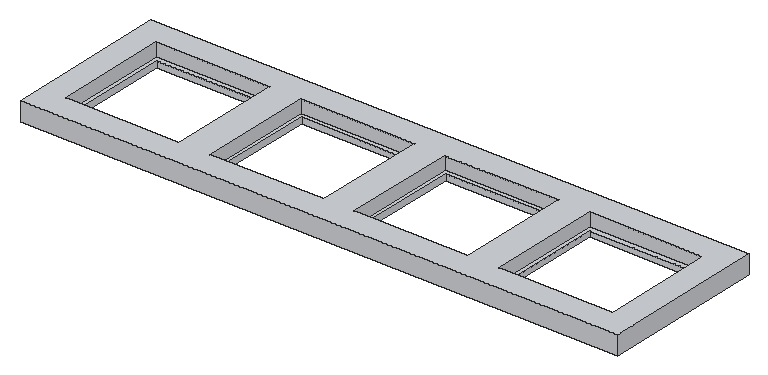
Revit family "Gira_021423", category Electrical Fixtures, host Face, Revit 2017
Family settings
  Host = Face
  Maintain Annotation Orientation = No
  Round Connector Dimension = Use Diameter
  Part Type = Normal
  Cut with Voids When Loaded = No
  Shared = No
  Room Calculation Point = No
Parameters (values of type "Cov.fr. 4-g Gira E2 anthra.")
  With mounting grid = "No"
  With hinged lid = "No"
  URL = "http://katalog.gira.de/en/datenblatt.html?artikelnr=021423"
  Type of fastening = "Clamp mounting"
  Transparent = "No"
  Surface protection = "Other"
  Suitable for wall duct = "No"
  Suitable for flush-mounted installation = "Yes"
  Suitable for floor box = "No"
  Suitable for built-in installation = "No"
  Number of units vertical = "4"
  Number of units horizontal = "4"
  Number of units = "4"
  Name = "Cov.fr. 4-g Gira E2 anthra."
  Mounting direction = "Horizontal and vertical"
  Material quality = "Thermoplastic"
  Material = "Plastic"
  Manufacturer URL = "https://www.gira.de/"
  Manufacturer = "Gira"
  Label space/information surface = "No"
  Keynote = ""
  HeinzeBIM = "https://bimportal.heinze.de/bim/cov-fr-4-g-gira-e2-anthra-/d11127118706824d6a2c34ae50774727a986cde7"
  Halogen free = "Yes"
  HAN = "021423"
  GTIN = "4010337214236"
  Description = "Cov.fr.4g E2 AN,Gira E2 cover frame,anthracite,4-gang,Features:,- Shatter-proof.,,Notes :,- Also suitable for duct installation.,- In connection with the seal kit, frame (1-gang to 5-gang) is also suitable for installation as water-protected flush-mounted IP44."
  Degree of protection (IP) = "IP20"
  Default Elevation = 1219.2 mm
  Data sheet (1) = "https://katalog.gira.de/en/download.html?artikelnr=021423"
  Colour = "Anthracite"
  Category = "Cover frame for domestic switching devices"
  BIM (1) = "https://media.stage.bim.site/public/gira/36a6b08/E2_Rahmen_4fach.rfa"
  Available = "No"
Reference planes
  plane 1 "Center (Front/Back)": y = 0
  plane 2: z = 0
  plane 3 "Center (Left/Right)": x = 0
Forms (mm)
  Extrusion 1, solid, detail levels fine
    sketch origin (0, 0, 0) x (1, 0, 0) y (0, 1, 0)
      loop
        line (147.35, 40.4) -> (-147.35, 40.4) -> (-147.35, -40.4) -> (147.35, -40.4) -> (147.35, 40.4)
      loop
        line (78.898, 28.052) -> (78.898, -28.052) -> (135.002, -28.052) -> (135.002, 28.052) -> (78.898, 28.052)
      loop
        line (7.598, 28.052) -> (7.598, -28.052) -> (63.702, -28.052) -> (63.702, 28.052) -> (7.598, 28.052)
      loop
        line (-63.702, 28.052) -> (-63.702, -28.052) -> (-7.598, -28.052) -> (-7.598, 28.052) -> (-63.702, 28.052)
      loop
        line (-135.002, 28.052) -> (-135.002, -28.052) -> (-78.898, -28.052) -> (-78.898, 28.052) -> (-135.002, 28.052)
    from 0 to 9.3
  Extrusion 2, solid, detail levels fine
    sketch origin (-106.85, 0, 0) x (1, 0, 0) y (0, 1, 0)
      loop
        line (-28.152, -28.152) -> (28.152, -28.152) -> (28.152, 28.152) -> (-28.152, 28.152) -> (-28.152, -28.152)
      loop
        line (25.9, -25.7) -> (25.9, 25.7) -> (-25.9, 25.7) -> (-25.9, -25.7) -> (25.9, -25.7)
    from 0 to 3
  Extrusion 3, solid, detail levels coarse+medium
    sketch origin (0, 0, 0) x (1, 0, 0) y (0, 1, 0)
      loop
        line (147.35, 40.4) -> (-147.35, 40.4) -> (-147.35, -40.4) -> (147.35, -40.4) -> (147.35, 40.4)
    from 0 to 9.3
  Extrusion 4, solid, detail levels fine
    sketch origin (-35.55, -0.047, 0) x (1, 0, 0) y (0, 1, 0)
      loop
        line (-28.152, -28.106) -> (28.152, -28.106) -> (28.152, 28.199) -> (-28.152, 28.199) -> (-28.152, -28.106)
      loop
        line (25.9, -25.653) -> (25.9, 25.747) -> (-25.9, 25.747) -> (-25.9, -25.653) -> (25.9, -25.653)
    from 0 to 3
  Extrusion 5, solid, detail levels fine
    sketch origin (106.85, -0.047, 0) x (1, 0, 0) y (0, 1, 0)
      loop
        line (-27.952, -28.006) -> (28.152, -28.006) -> (28.152, 28.099) -> (-27.952, 28.099) -> (-27.952, -28.006)
      loop
        line (26, -25.653) -> (26, 25.747) -> (-25.9, 25.747) -> (-25.9, -25.653) -> (26, -25.653)
    from 0 to 3
  Extrusion 6, solid, detail levels fine
    sketch origin (35.55, -0.047, 0) x (1, 0, 0) y (0, 1, 0)
      loop
        line (-27.952, -28.006) -> (28.152, -28.006) -> (28.152, 28.099) -> (-27.952, 28.099) -> (-27.952, -28.006)
      loop
        line (26, -25.653) -> (26, 25.747) -> (-25.9, 25.747) -> (-25.9, -25.653) -> (26, -25.653)
    from 0 to 3
Dimensions and locks
  aligned and locked: plane 2 to host face
  aligned and locked: level to host face
